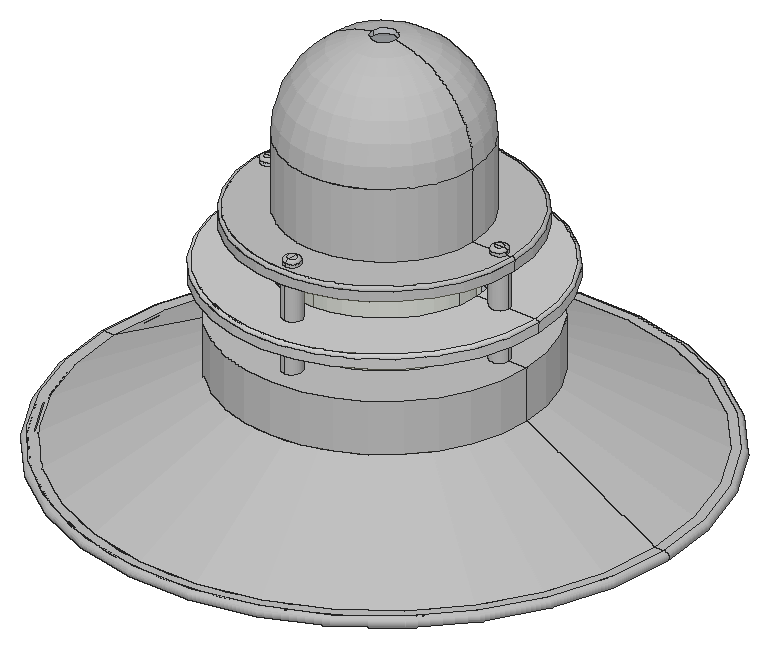
Revit family "UCP12 SHADE", category Lighting Fixtures, Revit 2024
Family settings
  Round Connector Dimension = Use Diameter
  Part Type = Normal
  OmniClass Number = 23.80.70.00
  OmniClass Title = Lighting
  Work Plane-Based = No
  Always vertical = Yes
  Cut with Voids When Loaded = No
  Light Source = Yes
  Maintain Annotation Orientation = No
  Shared = No
  Room Calculation Point = No
Parameters
  Wattage = 12.1178 W
  built-in parameter 1150110 = 1 (stored number, unit not read)
  built-in parameter 1114217 = 1 (stored number, unit not read)
  built-in parameter 1150109 = 1 (stored number, unit not read)
  built-in parameter 1150134 = (empty or 0)
  built-in parameter 1150113 = 1 (stored number, unit not read)
  Lumens = 1800 lm
  built-in parameter 1150115 = 1 (stored number, unit not read)
  built-in parameter 1150105 = 572.96 (stored number, unit not read)
  Light Source Symbol Size = 2' - 0"
  built-in parameter 1150137 = (empty or 0)
  built-in parameter 1150139 = (empty or 0)
  built-in parameter 1150112 = 1 (stored number, unit not read)
  built-in parameter 1150114 = 1 (stored number, unit not read)
  built-in parameter 1150132 = 2
  built-in parameter 1150102 = (empty or 0)
  built-in parameter 1150138 = (empty or 0)
  built-in parameter 1150107 = 3000 (stored number, unit not read)
  built-in parameter 1150106 = 5.7296 (stored number, unit not read)
  built-in parameter 1150104 = 13.8 (stored number, unit not read)
  Dimming Lamp Color Temperature Shift = (empty or 0)
  Default Elevation = 0' - 0"
  Color Filter = 16777215
  built-in parameter 1114218 = 1 (stored number, unit not read)
  built-in parameter 1150133 = 10 (stored number, unit not read)
Reference planes (in)
  plane 1 "Light Source Axis (F/B)": y = 0
  plane 2: z = 0
  plane 3 "Light Source Axis (L/R)": x = 0
  plane 4 "Light Source Elevation": z = 54
Forms (in)
  Revolve 1, solid
    sketch origin (0, 0, 0) x (1, 0, 0) y (0, 0, 1)
      loop
        line (-5.8002, 54.10625) -> (-5.68669, 54.10625) -> (-2.90625, 55.56838) -> (-2.90625, 56.53125) -> (-1.96951, 56.53125) -> (-1.96951, 56.625) -> (-3, 56.625) -> (-3, 55.625) -> (-5.70984, 54.2) -> (-5.9, 54.2)
        arc (-5.9, 54.2) -> (-5.96847, 54.02711) -> (-5.8002, 54.10625) r 0.1
      loop
        line (-3.25, 57.375) -> (-3.15625, 57.375) -> (-3.15625, 57.53125) -> (-1.96951, 57.53125) -> (-1.96951, 57.625) -> (-3.1875, 57.625)
        arc (-3.1875, 57.625) -> (-3.23169, 57.60669) -> (-3.25, 57.5625) r 0.0625
        line (-3.25, 57.5625) -> (-3.25, 57.375)
      loop
        line (-2.75, 58.375) -> (-2.65625, 58.375) -> (-2.65625, 58.53125) -> (-1.78125, 58.53125) -> (-1.78125, 60)
        arc (-1.78125, 60) -> (-1.34502, 61.16781) -> (-0.25, 61.76362) r 1.78125
        line (-0.25, 61.76362) -> (-0.25, 61.85826)
        arc (-0.25, 61.85826) -> (-1.41145, 61.23428) -> (-1.875, 60) r 1.875
        line (-1.875, 60) -> (-1.875, 58.625) -> (-2.6875, 58.625)
        arc (-2.6875, 58.625) -> (-2.73169, 58.60669) -> (-2.75, 58.5625) r 0.0625
        line (-2.75, 58.5625) -> (-2.75, 58.375)
      loop
        arc (-1.59997, 54.09997) -> (-1.13135, 52.96862) -> (0, 52.5) r 1.59997
        line (0, 52.5) -> (0, 52.59375)
        arc (0, 52.59375) -> (-1.06506, 53.03491) -> (-1.50622, 54.09997) r 1.50622
        line (-1.50622, 54.09997) -> (-1.50622, 58.50286) -> (-1.59997, 58.50286) -> (-1.59997, 54.09997)
      axis (0, 61.85826) -> (0, 52.5)
    angle from 0 to 360
  Sweep 2, solid
    path origin (0, 0, 0) x (1, 0, 0) y (0, 0, 1)
      loop
        line (-2.42975, 56.625) -> (-2.42975, 58.53125)
    profile origin (-2.42975, 0, 57.57812) x (-1, 0, 0) y (0, -1, 0)
      loop
        circle (0, 0) r 0.1875
  Revolve 3, solid
    sketch origin (0, 0, 0) x (1, 0, 0) y (0, 0, 1)
      loop
        line (-2.42975, 58.625) -> (-2.42975, 58.742) -> (-2.52759, 58.742)
        arc (-2.52759, 58.742) -> (-2.56967, 58.72457) -> (-2.58711, 58.68248) r 0.05952
        line (-2.58711, 58.68248) -> (-2.58711, 58.625) -> (-2.42975, 58.625)
      axis (-2.42975, 58.742) -> (-2.42975, 58.625)
    angle from 0 to 360
  Sweep 4, solid
    path origin (0, 0, 0) x (0, -1, 0) y (0, 0, 1)
      loop
        line (-2.42975, 56.625) -> (-2.42975, 58.53125)
    profile origin (0, 2.42975, 57.57812) x (0, 1, 0) y (-1, 0, 0)
      loop
        circle (0, 0) r 0.1875
  Revolve 5, solid
    sketch origin (0, 0, 0) x (0, -1, 0) y (0, 0, 1)
      loop
        line (-2.42975, 58.625) -> (-2.42975, 58.742) -> (-2.52759, 58.742)
        arc (-2.52759, 58.742) -> (-2.56967, 58.72457) -> (-2.58711, 58.68248) r 0.05952
        line (-2.58711, 58.68248) -> (-2.58711, 58.625) -> (-2.42975, 58.625)
      axis (-2.42975, 58.742) -> (-2.42975, 58.625)
    angle from 0 to 360
  Sweep 6, solid
    path origin (0, 0, 0) x (0, 1, 0) y (0, 0, 1)
      loop
        line (-2.42975, 56.625) -> (-2.42975, 58.53125)
    profile origin (0, -2.42975, 57.57812) x (0, -1, 0) y (1, 0, 0)
      loop
        circle (0, 0) r 0.1875
  Revolve 7, solid
    sketch origin (0, 0, 0) x (0, 1, 0) y (0, 0, 1)
      loop
        line (-2.42975, 58.625) -> (-2.42975, 58.742) -> (-2.52759, 58.742)
        arc (-2.52759, 58.742) -> (-2.56967, 58.72457) -> (-2.58711, 58.68248) r 0.05952
        line (-2.58711, 58.68248) -> (-2.58711, 58.625) -> (-2.42975, 58.625)
      axis (-2.42975, 58.742) -> (-2.42975, 58.625)
    angle from 0 to 360
  Sweep 8, solid
    path origin (0, 0, 0) x (-1, 0, 0) y (0, 0, 1)
      loop
        line (-2.42975, 56.625) -> (-2.42975, 58.53125)
    profile origin (2.42975, 0, 57.57812) x (1, 0, 0) y (0, 1, 0)
      loop
        circle (0, 0) r 0.1875
  Revolve 9, solid
    sketch origin (0, 0, 0) x (-1, 0, 0) y (0, 0, 1)
      loop
        line (-2.42975, 58.625) -> (-2.42975, 58.742) -> (-2.52759, 58.742)
        arc (-2.52759, 58.742) -> (-2.56967, 58.72457) -> (-2.58711, 58.68248) r 0.05952
        line (-2.58711, 58.68248) -> (-2.58711, 58.625) -> (-2.42975, 58.625)
      axis (-2.42975, 58.742) -> (-2.42975, 58.625)
    angle from 0 to 360
Dimensions and locks (in)
  aligned and locked: plane 3 "Light Source Axis (L/R)" to imposter light
  aligned and locked: plane 1 "Light Source Axis (F/B)" to imposter light
  aligned and locked: plane 4 "Light Source Elevation" to imposter light
  aligned and locked: level to plane 2
